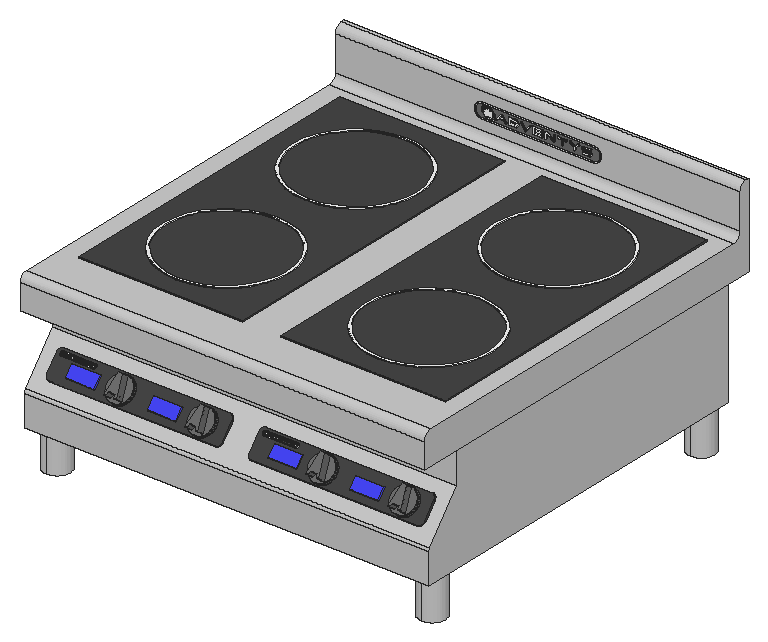
Revit family "QF_ADVENTYS_MO4I_20000_250902092536", category Specialty Equipment, Revit 2021
Family settings
  Round Connector Dimension = Use Diameter
  Part Type = Normal
  OmniClass Number = 23.40.40.14
  OmniClass Title = Food Service Equipment
  Work Plane-Based = No
  Always vertical = Yes
  Cut with Voids When Loaded = No
  Shared = No
  Room Calculation Point = No
Parameters (values of type "ADV1759")
  Weight in Pounds [instance] = 0
  Weight = 95.00 kg
  Warranty Start Date [instance] = ""
  Warranty Duration [instance] = ""
  Volts [instance] = 400 V
  URL Recommended Spares List = ""
  URL Manufacturer = ""
  URL Cutsheet = ""
  URL Critical Spares List = ""
  URL = "www.adventys.com"
  Tag Number [instance] = ""
  Status [instance] = ""
  Specification by User [instance] = ""
  Specification by Manufacturer [instance] = ""
  Sound Level [instance] = ""
  Solid Fuel Type [instance] = ""
  Service Life Duration [instance] = ""
  Serial Number [instance] = ""
  Seismic Rating [instance] = ""
  SMACNA No [instance] = ""
  Revision Code [instance] = ""
  Revision [instance] = ""
  Production Year [instance] = ""
  Point Load [instance] = 0
  Phase [instance] = 3
  Other Equipment Approvals [instance] = ""
  Number of Poles [instance] = 3
  NAFEM Spec ID Number [instance] = ""
  Model Warning [instance] = ""
  Model = "MO4I 20000"
  Min Ckt Ampacity [instance] = 0 A
  Max Overcurrent Protection [instance] = 40 A
  Masterspec [instance] = ""
  Manufacturer = "ADVENTYS"
  Length Actual = 800 mm
  Item Number [instance] = ""
  Installed By [instance] = ""
  Installation Date [instance] = ""
  Identify Quantity as Lot [instance] = no
  ID [instance] = ""
  Hygiene Approval [instance] = ""
  Hot Water Consumption = 0.0 L/s
  Height Actual = 455 mm
  HP power [instance] = ""
  Furnished By [instance] = ""
  Foodservice Equipment Identifier [instance] = no
  FL Amps [instance] = 32 A
  Electrical Remarks [instance] = "Plug not included"
  Electric power [instance] = 0 W
  Electric Connection Type [instance] = "Cord&Plug"
  Elec Conn RI Height [instance] = 0 mm
  Elec Conn Connection Height [instance] = 0 mm
  ETL Approved [instance] = no
  Description = "INDUCTION MODULE 4 ZONES THREE-PHASE"
  Depth Actual = 800 mm
  Default Elevation = 0 mm
  Cycle [instance] = 50 Hz
  Cost = 0
  Conn Plug [instance] = ""
  Conn Conduit [instance] = no
  CSI MasterFormat [instance] = ""
  CE Approved [instance] = no
  Barcode [instance] = 0
  Author [instance] = ""
  Asset Identifier [instance] = ""
  Apparent Power [instance] = 20000 VA
  Accessory = no
Reference planes
  plane 1 "Center (Front/Back)": y = 0
  plane 2: z = 0
  plane 3 "Center (Left/Right)": x = 0
Forms (mm)
  Extrusion 1, solid, not visible
    sketch origin (111.005, -39.002, 227.011) x (1, 0, 0) y (0, 1, 0)
      loop
        line (-2, 2) -> (-2, -2) -> (2, -2) -> (2, 2) -> (-2, 2)
    from -2 to 2
Dimensions and locks
  locked: Extrusion 1 to nested 2
  locked: nested 2 to Extrusion 1 at 2
  aligned and locked: level to plane 2
Nested families
  nested 1: "QF_ADVENTYS_ADV1759_2916" at (0, 0, 0), type "ADV1759"
    with Status "", Show Logo yes
  nested 2: "CONN_POINT_ELE_2D___Generic_Annotation" at (111.005, -37.002, 227.011), type "CONN_POINT_ELE_2D___Generic_Annotation"
    with Onboard connection annotation symbol visibility yes
Connectors
  electrical at (111.005, -37.002, 227.011), driven by "Apparent Power", driven by "Number of Poles", driven by "Volts"
    settings: on Extrusion 1, index 1, voltage 400 V, apparent load 0 VA, apparent load phase1 20000 VA, apparent load phase2 0 VA, apparent load phase3 0 VA, power factor 1, load classification "Other", number of poles 3, system type 31, power factor state 1, is connector primary yes, connector utility no, sub classification motor no, connector description "Electrical connection for MO4I 20000"
Definition of nested family "QF_ADVENTYS_ADV1759_2916"
  Parameters (values of type "ADV1759")
    URL = "www.adventys.com"
    Status [instance] = ""
    Show Logo [instance] = yes
    Model = "MO4I 20000"
    Manufacturer = "ADVENTYS"
    Description = "INDUCTION MODULE 4 ZONES THREE-PHASE"
    Default Elevation = 0 mm
    Author = "SPECIFI"
    Assembly Code = "E1090320"
  Reference planes
    plane 1 "Back": y = 0
    plane 2: z = 0
    plane 3 "Left": x = 0
    plane 4 "Right": x = 800
    plane 5 "Front": y = -800
    plane 6 "Top": z = 455
  Forms (mm)
    Extrusion 1, solid
      sketch origin (0, 0, 0) x (0, 1, 0) y (0, 0, 1)
        loop
          line (-790, 80) -> (-50, 80) -> (-50, 290.8) -> (-720, 290.8) -> (-720, 227.161) -> (-787.017, 147.294)
          arc (-787.017, 147.294) -> (-789.078, 143.88) -> (-790, 140) r 12.92
          line (-790, 140) -> (-790, 80)
      from 0 to 800
    Extrusion 2, solid
      sketch origin (0, 0, 0) x (0, 1, 0) y (0, 0, 1)
        loop
          line (0, 290.8) -> (0, 455) -> (-5, 455)
          arc (-5, 455) -> (-15.607, 450.607) -> (-20, 440) r 15
          line (-20, 440) -> (-20, 370.8)
          arc (-20, 370.8) -> (-24.393, 360.193) -> (-35, 355.8) r 15
          line (-35, 355.8) -> (-785, 355.8)
          arc (-785, 355.8) -> (-795.607, 351.407) -> (-800, 340.8) r 15
          line (-800, 340.8) -> (-800, 290.8) -> (0, 290.8)
      from 0 to 800
    Extrusion 3, solid
      sketch origin (37, -56.5, 0) x (1, 0, 0) y (0, 1, 0)
        loop
          line (0, 0) -> (0, -646) -> (326, -646) -> (326, 0) -> (0, 0)
      from 355.8 to 357.613
    Extrusion 4, solid
      sketch origin (0, 0, 0) x (1, 0, 0) y (0, 1, 0)
        loop
          circle (200, -220) r 125
        loop
          circle (200, -220) r 120
        loop
          circle (200, -540.027) r 125
        loop
          circle (200, -540.027) r 120
      from 357.613 to 358.673
    Revolve 5, solid
      sketch origin (29, 0, 0) x (0, 1, 0) y (0, 0, 1)
        loop
          line (-719, 0) -> (-719, 80) -> (-745, 80) -> (-745, 0) -> (-719, 0)
        axis (-745, 80) -> (-745, 0)
      angle from 0 to 360
    Revolve 6, solid
      sketch origin (29, 665, 0) x (0, 1, 0) y (0, 0, 1)
        loop
          line (-719, 0) -> (-719, 80) -> (-745, 80) -> (-745, 0) -> (-719, 0)
        axis (-745, 80) -> (-745, 0)
      angle from 0 to 360
    Revolve 7, solid
      sketch origin (771, 0, 0) x (0, 1, 0) y (0, 0, 1)
        loop
          line (-719, 0) -> (-719, 80) -> (-745, 80) -> (-745, 0) -> (-719, 0)
        axis (-745, 80) -> (-745, 0)
      angle from 0 to 360
    Revolve 8, solid
      sketch origin (771, 665, 0) x (0, 1, 0) y (0, 0, 1)
        loop
          line (-719, 0) -> (-719, 80) -> (-745, 80) -> (-745, 0) -> (-719, 0)
        axis (-745, 80) -> (-745, 0)
      angle from 0 to 360
    Extrusion 9, solid
      sketch origin (0, 0, 0) x (1, 0, 0) y (0, 0, 1)
        loop
          line (173, 264) -> (47, 264) -> (47, 170) -> (173, 170) -> (173, 264)
      from 47.858 to 50
    Extrusion 10, solid
      sketch origin (0, 0, 0) x (1, 0, 0) y (0, 0, 1)
        loop
          circle (110.78, 227.161) r 15
      from 36.426 to 47.858
    Extrusion 11, solid
      sketch origin (437, -56.5, 0) x (1, 0, 0) y (0, 1, 0)
        loop
          line (0, 0) -> (0, -646) -> (326, -646) -> (326, 0) -> (0, 0)
      from 355.8 to 357.613
    Extrusion 12, solid
      sketch origin (400, 0, 0) x (1, 0, 0) y (0, 1, 0)
        loop
          circle (200, -220) r 125
        loop
          circle (200, -220) r 120
        loop
          circle (200, -540.027) r 125
        loop
          circle (200, -540.027) r 120
      from 357.613 to 358.673
    Extrusion 13, solid
      sketch origin (525, -718.509, 228.939) x (0, -0.642788, -0.766044) y (1, 0, 0)
        loop
          arc (26.45, -488.6) -> (29.379, -495.671) -> (36.45, -498.6) r 10
          line (36.45, -498.6) -> (72.45, -498.6)
          arc (72.45, -498.6) -> (79.521, -495.671) -> (82.45, -488.6) r 10
          line (82.45, -488.6) -> (82.45, -161.4)
          arc (82.45, -161.4) -> (79.521, -154.329) -> (72.45, -151.4) r 10
          line (72.45, -151.4) -> (36.45, -151.4)
          arc (36.45, -151.4) -> (29.379, -154.329) -> (26.45, -161.4) r 10
          line (26.45, -161.4) -> (26.45, -488.6)
      from 0 to 1.881
    Extrusion 14, solid
      sketch origin (517.5, -718.509, 228.939) x (0, -0.642788, -0.766044) y (1, 0, 0)
        loop
          line (44.95, -293.6) -> (68.95, -293.6) -> (68.95, -237.6) -> (44.95, -237.6) -> (44.95, -293.6)
      from 1.881 to 3.679
    Extrusion 15, solid
      sketch origin (526.25, -718.509, 228.939) x (0, -0.642788, -0.766044) y (1, 0, 0)
        loop
          line (77.193, -371.481) -> (78.52, -367.858) -> (79.283, -363.991) -> (79.427, -360.015) -> (78.941, -356.081) -> (77.862, -352.331) -> (76.265, -348.888) -> (74.254, -345.841) -> (71.944, -343.24) -> (69.45, -341.1) -> (66.873, -339.405) -> (64.297, -338.121) -> (61.785, -337.2) -> (59.381, -336.591) -> (56.817, -336.212) -> (54.45, -336.1) -> (52.084, -336.212) -> (49.52, -336.591) -> (47.116, -337.2) -> (44.604, -338.121) -> (42.027, -339.405) -> (39.45, -341.1) -> (36.956, -343.24) -> (34.647, -345.841) -> (32.636, -348.888) -> (31.039, -352.331) -> (29.959, -356.081) -> (29.474, -360.015) -> (29.618, -363.991) -> (30.381, -367.858) -> (31.708, -371.481) -> (33.507, -374.752) -> (35.926, -377.889) -> (38.945, -380.711) -> (42.475, -383.045) -> (46.365, -384.756) -> (50.423, -385.773) -> (54.45, -386.1) -> (58.478, -385.773) -> (62.536, -384.756) -> (66.426, -383.045) -> (69.956, -380.711) -> (72.974, -377.889) -> (75.393, -374.752) -> (77.193, -371.481)
      from 1.881 to 10
    Extrusion 16, solid
      sketch origin (526.25, -718.509, 228.939) x (0, -0.642788, -0.766044) y (1, 0, 0)
        loop
          line (72.45, -353.1) -> (72.45, -348.1) -> (31.45, -357.1) -> (31.45, -365.1) -> (72.45, -374.1) -> (72.45, -369.1) -> (66.45, -367.1) -> (66.45, -355.1) -> (72.45, -353.1)
      from 10 to 25.009
    Extrusion 17, solid, visible <- "Show Logo"
      sketch origin (-49.765, -334.636, 414.341) x (1, 0, 0) y (0, 0.642788, 0.766044)
        loop
          arc (88.581, -421.313) -> (88.113, -421.507) -> (87.92, -421.974) r 0.661
          line (87.92, -421.974) -> (87.92, -423.61)
          arc (87.92, -423.61) -> (88.124, -424.087) -> (88.609, -424.27) r 0.661
          line (88.609, -424.27) -> (88.609, -423.032)
          arc (88.609, -423.032) -> (88.952, -422.351) -> (89.662, -422.077) r 1.058
          line (89.662, -422.077) -> (92.486, -422.077)
          arc (92.486, -422.077) -> (92.335, -421.544) -> (91.833, -421.313) r 0.661
          line (91.833, -421.313) -> (88.581, -421.313)
        loop
          arc (88.581, -420.916) -> (87.833, -421.226) -> (87.523, -421.974) r 1.058
          line (87.523, -421.974) -> (87.523, -423.61)
          arc (87.523, -423.61) -> (87.843, -424.368) -> (88.609, -424.667) r 1.058
          arc (88.609, -424.667) -> (88.88, -425.483) -> (89.667, -425.828) r 1.058
          arc (89.667, -425.828) -> (89.974, -426.583) -> (90.725, -426.896) r 1.058
          line (90.725, -426.896) -> (93.719, -426.896)
          arc (93.719, -426.896) -> (94.467, -426.586) -> (94.777, -425.838) r 1.058
          line (94.777, -425.838) -> (94.777, -424.306)
          arc (94.777, -424.306) -> (94.463, -423.554) -> (93.708, -423.248) r 1.058
          arc (93.708, -423.248) -> (93.515, -422.517) -> (92.883, -422.101) r 1.058
          arc (92.883, -422.101) -> (92.625, -421.273) -> (91.833, -420.916) r 1.058
          line (91.833, -420.916) -> (88.581, -420.916)
        loop
          arc (93.719, -426.499) -> (94.187, -426.306) -> (94.38, -425.838) r 0.661
          line (94.38, -425.838) -> (94.38, -424.306)
          arc (94.38, -424.306) -> (94.185, -423.837) -> (93.714, -423.645) r 0.661
          line (93.714, -423.645) -> (93.714, -424.77)
          arc (93.714, -424.77) -> (93.404, -425.518) -> (92.656, -425.828) r 1.058
          line (92.656, -425.828) -> (90.064, -425.828)
          arc (90.064, -425.828) -> (90.254, -426.302) -> (90.725, -426.499) r 0.661
          line (90.725, -426.499) -> (93.719, -426.499)
        loop
          arc (95.546, -425.156) -> (95.587, -425.684) -> (96.116, -425.67) r 0.384
          line (96.116, -425.67) -> (96.845, -424.94) -> (99.743, -424.94) -> (100.472, -425.67)
          arc (100.472, -425.67) -> (101.001, -425.684) -> (101.042, -425.156) r 0.384
          line (101.042, -425.156) -> (98.294, -421.762) -> (95.546, -425.156)
        loop
          line (98.294, -423.127) -> (97.364, -424.275) -> (99.224, -424.275) -> (98.294, -423.127)
        loop
          line (102.315, -421.827) -> (102.315, -425.732) -> (105.995, -425.732)
          arc (105.995, -425.732) -> (107.947, -423.78) -> (105.995, -421.827) r 1.953
          line (105.995, -421.827) -> (102.315, -421.827)
        loop
          line (105.995, -422.854) -> (103.343, -422.854) -> (103.343, -424.705) -> (105.995, -424.705)
          arc (105.995, -424.705) -> (106.92, -423.78) -> (105.995, -422.854) r 0.925
        loop
          arc (109.84, -422.053) -> (109.312, -422.039) -> (109.27, -422.566) r 0.384
          line (109.27, -422.566) -> (112.019, -425.961) -> (114.767, -422.566)
          arc (114.767, -422.566) -> (114.725, -422.039) -> (114.197, -422.053) r 0.384
          line (114.197, -422.053) -> (112.019, -424.743) -> (109.84, -422.053)
        loop
          line (121.269, -421.781) -> (116.07, -421.781) -> (116.07, -425.732) -> (121.269, -425.732)
          arc (121.269, -425.732) -> (121.671, -425.331) -> (121.269, -424.93) r 0.401
          line (121.269, -424.93) -> (116.972, -424.93) -> (116.972, -424.139) -> (121.269, -424.139)
          arc (121.269, -424.139) -> (121.633, -423.775) -> (121.269, -423.412) r 0.363
          line (121.269, -423.412) -> (116.972, -423.412) -> (116.972, -422.583) -> (121.269, -422.583)
          arc (121.269, -422.583) -> (121.671, -422.182) -> (121.269, -421.781) r 0.401
        loop
          line (122.879, -422.331) -> (122.879, -425.274)
          arc (122.879, -425.274) -> (123.306, -425.701) -> (123.733, -425.274) r 0.427
          line (123.733, -425.274) -> (123.733, -423.122) -> (127.538, -425.5)
          arc (127.538, -425.5) -> (128.155, -425.516) -> (128.468, -424.984) r 0.608
          line (128.468, -424.984) -> (128.468, -422.254)
          arc (128.468, -422.254) -> (128.018, -421.804) -> (127.568, -422.254) r 0.45
          line (127.568, -422.254) -> (127.568, -424.337) -> (123.663, -421.897)
          arc (123.663, -421.897) -> (123.143, -421.883) -> (122.879, -422.331) r 0.513
        loop
          arc (130.273, -421.857) -> (129.778, -422.352) -> (130.273, -422.846) r 0.494
          line (130.273, -422.846) -> (132.065, -422.846) -> (132.065, -425.082)
          arc (132.065, -425.082) -> (132.54, -425.558) -> (133.016, -425.082) r 0.475
          line (133.016, -425.082) -> (133.016, -422.846) -> (134.724, -422.846)
          arc (134.724, -422.846) -> (135.218, -422.352) -> (134.724, -421.857) r 0.494
          line (134.724, -421.857) -> (130.273, -421.857)
        loop
          line (139.461, -423.175) -> (137.5, -421.853)
          arc (137.5, -421.853) -> (136.836, -421.982) -> (136.965, -422.646) r 0.479
          line (136.965, -422.646) -> (138.926, -423.969) -> (138.926, -425.108)
          arc (138.926, -425.108) -> (139.461, -425.643) -> (139.997, -425.108) r 0.535
          line (139.997, -425.108) -> (139.997, -423.969) -> (141.958, -422.646)
          arc (141.958, -422.646) -> (142.087, -421.982) -> (141.423, -421.853) r 0.479
          line (141.423, -421.853) -> (139.461, -423.175)
        loop
          line (148.501, -421.857) -> (144.795, -421.857)
          arc (144.795, -421.857) -> (143.661, -422.991) -> (144.795, -424.125) r 1.134
          line (144.795, -424.125) -> (147.852, -424.125)
          arc (147.852, -424.125) -> (148.265, -424.538) -> (147.852, -424.951) r 0.413
          line (147.852, -424.951) -> (144.128, -424.951)
          arc (144.128, -424.951) -> (143.786, -425.292) -> (144.128, -425.634) r 0.342
          line (144.128, -425.634) -> (148.218, -425.634)
          arc (148.218, -425.634) -> (148.994, -424.394) -> (147.885, -423.44) r 1.122
          line (147.885, -423.44) -> (144.736, -423.44)
          arc (144.736, -423.44) -> (144.286, -422.99) -> (144.736, -422.541) r 0.45
          line (144.736, -422.541) -> (148.501, -422.541)
          arc (148.501, -422.541) -> (148.843, -422.199) -> (148.501, -421.857) r 0.342
        loop
          arc (87.442, -420.162) -> (83.674, -423.931) -> (87.442, -427.699) r 3.769
          line (87.442, -427.699) -> (150.103, -427.699)
          arc (150.103, -427.699) -> (153.872, -423.931) -> (150.103, -420.162) r 3.769
          line (150.103, -420.162) -> (87.442, -420.162)
        loop
          arc (87.442, -419.771) -> (83.283, -423.931) -> (87.442, -428.091) r 4.16
          line (87.442, -428.091) -> (150.103, -428.091)
          arc (150.103, -428.091) -> (154.263, -423.931) -> (150.103, -419.771) r 4.16
          line (150.103, -419.771) -> (87.442, -419.771)
      from 176.77 to 176.97
    Extrusion 18, solid
      sketch origin (687.5, -718.509, 228.939) x (0, -0.642788, -0.766044) y (1, 0, 0)
        loop
          line (77.193, -371.481) -> (78.52, -367.858) -> (79.283, -363.991) -> (79.427, -360.015) -> (78.941, -356.081) -> (77.862, -352.331) -> (76.265, -348.888) -> (74.254, -345.841) -> (71.944, -343.24) -> (69.45, -341.1) -> (66.873, -339.405) -> (64.297, -338.121) -> (61.785, -337.2) -> (59.381, -336.591) -> (56.817, -336.212) -> (54.45, -336.1) -> (52.084, -336.212) -> (49.52, -336.591) -> (47.116, -337.2) -> (44.604, -338.121) -> (42.027, -339.405) -> (39.45, -341.1) -> (36.956, -343.24) -> (34.647, -345.841) -> (32.636, -348.888) -> (31.039, -352.331) -> (29.959, -356.081) -> (29.474, -360.015) -> (29.618, -363.991) -> (30.381, -367.858) -> (31.708, -371.481) -> (33.507, -374.752) -> (35.926, -377.889) -> (38.945, -380.711) -> (42.475, -383.045) -> (46.365, -384.756) -> (50.423, -385.773) -> (54.45, -386.1) -> (58.478, -385.773) -> (62.536, -384.756) -> (66.426, -383.045) -> (69.956, -380.711) -> (72.974, -377.889) -> (75.393, -374.752) -> (77.193, -371.481)
      from 1.881 to 10
    Extrusion 19, solid
      sketch origin (687.5, -718.509, 228.939) x (0, -0.642788, -0.766044) y (1, 0, 0)
        loop
          line (72.45, -353.1) -> (72.45, -348.1) -> (31.45, -357.1) -> (31.45, -365.1) -> (72.45, -374.1) -> (72.45, -369.1) -> (66.45, -367.1) -> (66.45, -355.1) -> (72.45, -353.1)
      from 10 to 25.009
    Extrusion 20, solid
      sketch origin (356.25, -718.509, 228.939) x (0, -0.642788, -0.766044) y (1, 0, 0)
        loop
          line (44.95, -293.6) -> (68.95, -293.6) -> (68.95, -237.6) -> (44.95, -237.6) -> (44.95, -293.6)
      from 1.881 to 3.679
    Extrusion 21, solid
      sketch origin (925, -718.509, 228.939) x (0, -0.642788, -0.766044) y (1, 0, 0)
        loop
          arc (26.45, -488.6) -> (29.379, -495.671) -> (36.45, -498.6) r 10
          line (36.45, -498.6) -> (72.45, -498.6)
          arc (72.45, -498.6) -> (79.521, -495.671) -> (82.45, -488.6) r 10
          line (82.45, -488.6) -> (82.45, -161.4)
          arc (82.45, -161.4) -> (79.521, -154.329) -> (72.45, -151.4) r 10
          line (72.45, -151.4) -> (36.45, -151.4)
          arc (36.45, -151.4) -> (29.379, -154.329) -> (26.45, -161.4) r 10
          line (26.45, -161.4) -> (26.45, -488.6)
      from 0 to 1.881
    Extrusion 22, solid
      sketch origin (917.5, -718.509, 228.939) x (0, -0.642788, -0.766044) y (1, 0, 0)
        loop
          line (44.95, -293.6) -> (68.95, -293.6) -> (68.95, -237.6) -> (44.95, -237.6) -> (44.95, -293.6)
      from 1.881 to 3.679
    Extrusion 23, solid
      sketch origin (926.25, -718.509, 228.939) x (0, -0.642788, -0.766044) y (1, 0, 0)
        loop
          line (77.193, -371.481) -> (78.52, -367.858) -> (79.283, -363.991) -> (79.427, -360.015) -> (78.941, -356.081) -> (77.862, -352.331) -> (76.265, -348.888) -> (74.254, -345.841) -> (71.944, -343.24) -> (69.45, -341.1) -> (66.873, -339.405) -> (64.297, -338.121) -> (61.785, -337.2) -> (59.381, -336.591) -> (56.817, -336.212) -> (54.45, -336.1) -> (52.084, -336.212) -> (49.52, -336.591) -> (47.116, -337.2) -> (44.604, -338.121) -> (42.027, -339.405) -> (39.45, -341.1) -> (36.956, -343.24) -> (34.647, -345.841) -> (32.636, -348.888) -> (31.039, -352.331) -> (29.959, -356.081) -> (29.474, -360.015) -> (29.618, -363.991) -> (30.381, -367.858) -> (31.708, -371.481) -> (33.507, -374.752) -> (35.926, -377.889) -> (38.945, -380.711) -> (42.475, -383.045) -> (46.365, -384.756) -> (50.423, -385.773) -> (54.45, -386.1) -> (58.478, -385.773) -> (62.536, -384.756) -> (66.426, -383.045) -> (69.956, -380.711) -> (72.974, -377.889) -> (75.393, -374.752) -> (77.193, -371.481)
      from 1.881 to 10
    Extrusion 24, solid
      sketch origin (926.25, -718.509, 228.939) x (0, -0.642788, -0.766044) y (1, 0, 0)
        loop
          line (72.45, -353.1) -> (72.45, -348.1) -> (31.45, -357.1) -> (31.45, -365.1) -> (72.45, -374.1) -> (72.45, -369.1) -> (66.45, -367.1) -> (66.45, -355.1) -> (72.45, -353.1)
      from 10 to 25.009
    Extrusion 25, solid, visible <- "Show Logo"
      sketch origin (350.235, -334.636, 414.341) x (1, 0, 0) y (0, 0.642788, 0.766044)
        loop
          arc (88.581, -421.313) -> (88.113, -421.507) -> (87.92, -421.974) r 0.661
          line (87.92, -421.974) -> (87.92, -423.61)
          arc (87.92, -423.61) -> (88.124, -424.087) -> (88.609, -424.27) r 0.661
          line (88.609, -424.27) -> (88.609, -423.032)
          arc (88.609, -423.032) -> (88.952, -422.351) -> (89.662, -422.077) r 1.058
          line (89.662, -422.077) -> (92.486, -422.077)
          arc (92.486, -422.077) -> (92.335, -421.544) -> (91.833, -421.313) r 0.661
          line (91.833, -421.313) -> (88.581, -421.313)
        loop
          arc (88.581, -420.916) -> (87.833, -421.226) -> (87.523, -421.974) r 1.058
          line (87.523, -421.974) -> (87.523, -423.61)
          arc (87.523, -423.61) -> (87.843, -424.368) -> (88.609, -424.667) r 1.058
          arc (88.609, -424.667) -> (88.88, -425.483) -> (89.667, -425.828) r 1.058
          arc (89.667, -425.828) -> (89.974, -426.583) -> (90.725, -426.896) r 1.058
          line (90.725, -426.896) -> (93.719, -426.896)
          arc (93.719, -426.896) -> (94.467, -426.586) -> (94.777, -425.838) r 1.058
          line (94.777, -425.838) -> (94.777, -424.306)
          arc (94.777, -424.306) -> (94.463, -423.554) -> (93.708, -423.248) r 1.058
          arc (93.708, -423.248) -> (93.515, -422.517) -> (92.883, -422.101) r 1.058
          arc (92.883, -422.101) -> (92.625, -421.273) -> (91.833, -420.916) r 1.058
          line (91.833, -420.916) -> (88.581, -420.916)
        loop
          arc (93.719, -426.499) -> (94.187, -426.306) -> (94.38, -425.838) r 0.661
          line (94.38, -425.838) -> (94.38, -424.306)
          arc (94.38, -424.306) -> (94.185, -423.837) -> (93.714, -423.645) r 0.661
          line (93.714, -423.645) -> (93.714, -424.77)
          arc (93.714, -424.77) -> (93.404, -425.518) -> (92.656, -425.828) r 1.058
          line (92.656, -425.828) -> (90.064, -425.828)
          arc (90.064, -425.828) -> (90.254, -426.302) -> (90.725, -426.499) r 0.661
          line (90.725, -426.499) -> (93.719, -426.499)
        loop
          arc (95.546, -425.156) -> (95.587, -425.684) -> (96.116, -425.67) r 0.384
          line (96.116, -425.67) -> (96.845, -424.94) -> (99.743, -424.94) -> (100.472, -425.67)
          arc (100.472, -425.67) -> (101.001, -425.684) -> (101.042, -425.156) r 0.384
          line (101.042, -425.156) -> (98.294, -421.762) -> (95.546, -425.156)
        loop
          line (98.294, -423.127) -> (97.364, -424.275) -> (99.224, -424.275) -> (98.294, -423.127)
        loop
          line (102.315, -421.827) -> (102.315, -425.732) -> (105.995, -425.732)
          arc (105.995, -425.732) -> (107.947, -423.78) -> (105.995, -421.827) r 1.953
          line (105.995, -421.827) -> (102.315, -421.827)
        loop
          line (105.995, -422.854) -> (103.343, -422.854) -> (103.343, -424.705) -> (105.995, -424.705)
          arc (105.995, -424.705) -> (106.92, -423.78) -> (105.995, -422.854) r 0.925
        loop
          arc (109.84, -422.053) -> (109.312, -422.039) -> (109.27, -422.566) r 0.384
          line (109.27, -422.566) -> (112.019, -425.961) -> (114.767, -422.566)
          arc (114.767, -422.566) -> (114.725, -422.039) -> (114.197, -422.053) r 0.384
          line (114.197, -422.053) -> (112.019, -424.743) -> (109.84, -422.053)
        loop
          line (121.269, -421.781) -> (116.07, -421.781) -> (116.07, -425.732) -> (121.269, -425.732)
          arc (121.269, -425.732) -> (121.671, -425.331) -> (121.269, -424.93) r 0.401
          line (121.269, -424.93) -> (116.972, -424.93) -> (116.972, -424.139) -> (121.269, -424.139)
          arc (121.269, -424.139) -> (121.633, -423.775) -> (121.269, -423.412) r 0.363
          line (121.269, -423.412) -> (116.972, -423.412) -> (116.972, -422.583) -> (121.269, -422.583)
          arc (121.269, -422.583) -> (121.671, -422.182) -> (121.269, -421.781) r 0.401
        loop
          line (122.879, -422.331) -> (122.879, -425.274)
          arc (122.879, -425.274) -> (123.306, -425.701) -> (123.733, -425.274) r 0.427
          line (123.733, -425.274) -> (123.733, -423.122) -> (127.538, -425.5)
          arc (127.538, -425.5) -> (128.155, -425.516) -> (128.468, -424.984) r 0.608
          line (128.468, -424.984) -> (128.468, -422.254)
          arc (128.468, -422.254) -> (128.018, -421.804) -> (127.568, -422.254) r 0.45
          line (127.568, -422.254) -> (127.568, -424.337) -> (123.663, -421.897)
          arc (123.663, -421.897) -> (123.143, -421.883) -> (122.879, -422.331) r 0.513
        loop
          arc (130.273, -421.857) -> (129.778, -422.352) -> (130.273, -422.846) r 0.494
          line (130.273, -422.846) -> (132.065, -422.846) -> (132.065, -425.082)
          arc (132.065, -425.082) -> (132.54, -425.558) -> (133.016, -425.082) r 0.475
          line (133.016, -425.082) -> (133.016, -422.846) -> (134.724, -422.846)
          arc (134.724, -422.846) -> (135.218, -422.352) -> (134.724, -421.857) r 0.494
          line (134.724, -421.857) -> (130.273, -421.857)
        loop
          line (139.461, -423.175) -> (137.5, -421.853)
          arc (137.5, -421.853) -> (136.836, -421.982) -> (136.965, -422.646) r 0.479
          line (136.965, -422.646) -> (138.926, -423.969) -> (138.926, -425.108)
          arc (138.926, -425.108) -> (139.461, -425.643) -> (139.997, -425.108) r 0.535
          line (139.997, -425.108) -> (139.997, -423.969) -> (141.958, -422.646)
          arc (141.958, -422.646) -> (142.087, -421.982) -> (141.423, -421.853) r 0.479
          line (141.423, -421.853) -> (139.461, -423.175)
        loop
          line (148.501, -421.857) -> (144.795, -421.857)
          arc (144.795, -421.857) -> (143.661, -422.991) -> (144.795, -424.125) r 1.134
          line (144.795, -424.125) -> (147.852, -424.125)
          arc (147.852, -424.125) -> (148.265, -424.538) -> (147.852, -424.951) r 0.413
          line (147.852, -424.951) -> (144.128, -424.951)
          arc (144.128, -424.951) -> (143.786, -425.292) -> (144.128, -425.634) r 0.342
          line (144.128, -425.634) -> (148.218, -425.634)
          arc (148.218, -425.634) -> (148.994, -424.394) -> (147.885, -423.44) r 1.122
          line (147.885, -423.44) -> (144.736, -423.44)
          arc (144.736, -423.44) -> (144.286, -422.99) -> (144.736, -422.541) r 0.45
          line (144.736, -422.541) -> (148.501, -422.541)
          arc (148.501, -422.541) -> (148.843, -422.199) -> (148.501, -421.857) r 0.342
        loop
          arc (87.442, -420.162) -> (83.674, -423.931) -> (87.442, -427.699) r 3.769
          line (87.442, -427.699) -> (150.103, -427.699)
          arc (150.103, -427.699) -> (153.872, -423.931) -> (150.103, -420.162) r 3.769
          line (150.103, -420.162) -> (87.442, -420.162)
        loop
          arc (87.442, -419.771) -> (83.283, -423.931) -> (87.442, -428.091) r 4.16
          line (87.442, -428.091) -> (150.103, -428.091)
          arc (150.103, -428.091) -> (154.263, -423.931) -> (150.103, -419.771) r 4.16
          line (150.103, -419.771) -> (87.442, -419.771)
      from 176.77 to 176.97
    Extrusion 26, solid
      sketch origin (1087.5, -718.509, 228.939) x (0, -0.642788, -0.766044) y (1, 0, 0)
        loop
          line (77.193, -371.481) -> (78.52, -367.858) -> (79.283, -363.991) -> (79.427, -360.015) -> (78.941, -356.081) -> (77.862, -352.331) -> (76.265, -348.888) -> (74.254, -345.841) -> (71.944, -343.24) -> (69.45, -341.1) -> (66.873, -339.405) -> (64.297, -338.121) -> (61.785, -337.2) -> (59.381, -336.591) -> (56.817, -336.212) -> (54.45, -336.1) -> (52.084, -336.212) -> (49.52, -336.591) -> (47.116, -337.2) -> (44.604, -338.121) -> (42.027, -339.405) -> (39.45, -341.1) -> (36.956, -343.24) -> (34.647, -345.841) -> (32.636, -348.888) -> (31.039, -352.331) -> (29.959, -356.081) -> (29.474, -360.015) -> (29.618, -363.991) -> (30.381, -367.858) -> (31.708, -371.481) -> (33.507, -374.752) -> (35.926, -377.889) -> (38.945, -380.711) -> (42.475, -383.045) -> (46.365, -384.756) -> (50.423, -385.773) -> (54.45, -386.1) -> (58.478, -385.773) -> (62.536, -384.756) -> (66.426, -383.045) -> (69.956, -380.711) -> (72.974, -377.889) -> (75.393, -374.752) -> (77.193, -371.481)
      from 1.881 to 10
    Extrusion 27, solid
      sketch origin (1087.5, -718.509, 228.939) x (0, -0.642788, -0.766044) y (1, 0, 0)
        loop
          line (72.45, -353.1) -> (72.45, -348.1) -> (31.45, -357.1) -> (31.45, -365.1) -> (72.45, -374.1) -> (72.45, -369.1) -> (66.45, -367.1) -> (66.45, -355.1) -> (72.45, -353.1)
      from 10 to 25.009
    Extrusion 28, solid
      sketch origin (756.25, -718.509, 228.939) x (0, -0.642788, -0.766044) y (1, 0, 0)
        loop
          line (44.95, -293.6) -> (68.95, -293.6) -> (68.95, -237.6) -> (44.95, -237.6) -> (44.95, -293.6)
      from 1.881 to 3.679
    Extrusion 29, solid, visible <- "Show Logo"
      sketch origin (266.717, 156.57, 820.232) x (1, 0, 0) y (0, 0, 1)
        loop
          arc (26.945, -405.612) -> (25.297, -406.294) -> (24.615, -407.942) r 2.329
          line (24.615, -407.942) -> (24.615, -413.701)
          arc (24.615, -413.701) -> (25.333, -415.383) -> (27.044, -416.028) r 2.329
          line (27.044, -416.028) -> (27.044, -411.667)
          arc (27.044, -411.667) -> (28.249, -409.269) -> (30.753, -408.302) r 3.727
          line (30.753, -408.302) -> (40.699, -408.302)
          arc (40.699, -408.302) -> (40.168, -406.427) -> (38.398, -405.612) r 2.329
          line (38.398, -405.612) -> (26.945, -405.612)
        loop
          arc (26.945, -404.215) -> (24.309, -405.306) -> (23.218, -407.942) r 3.727
          line (23.218, -407.942) -> (23.218, -413.701)
          arc (23.218, -413.701) -> (24.345, -416.371) -> (27.044, -417.427) r 3.727
          arc (27.044, -417.427) -> (27.999, -420.299) -> (30.77, -421.516) r 3.727
          arc (30.77, -421.516) -> (31.85, -424.173) -> (34.497, -425.277) r 3.727
          line (34.497, -425.277) -> (45.04, -425.277)
          arc (45.04, -425.277) -> (47.676, -424.185) -> (48.767, -421.55) r 3.727
          line (48.767, -421.55) -> (48.767, -416.154)
          arc (48.767, -416.154) -> (47.662, -413.505) -> (45.002, -412.427) r 3.727
          arc (45.002, -412.427) -> (44.322, -409.853) -> (42.098, -408.389) r 3.727
          arc (42.098, -408.389) -> (41.187, -405.47) -> (38.398, -404.215) r 3.727
          line (38.398, -404.215) -> (26.945, -404.215)
        loop
          arc (45.04, -423.879) -> (46.687, -423.197) -> (47.37, -421.55) r 2.329
          line (47.37, -421.55) -> (47.37, -416.154)
          arc (47.37, -416.154) -> (46.681, -414.501) -> (45.023, -413.825) r 2.329
          line (45.023, -413.825) -> (45.023, -417.789)
          arc (45.023, -417.789) -> (43.932, -420.424) -> (41.297, -421.516) r 3.727
          line (41.297, -421.516) -> (32.168, -421.516)
          arc (32.168, -421.516) -> (32.838, -423.185) -> (34.497, -423.879) r 2.329
          line (34.497, -423.879) -> (45.04, -423.879)
        loop
          arc (51.474, -419.149) -> (51.62, -421.006) -> (53.482, -420.957) r 1.353
          line (53.482, -420.957) -> (56.052, -418.386) -> (66.256, -418.386) -> (68.827, -420.957)
          arc (68.827, -420.957) -> (70.688, -421.006) -> (70.834, -419.149) r 1.353
          line (70.834, -419.149) -> (61.154, -407.195) -> (51.474, -419.149)
        loop
          line (61.154, -412) -> (57.878, -416.046) -> (64.43, -416.046) -> (61.154, -412)
        loop
          line (75.318, -407.422) -> (75.318, -421.177) -> (88.277, -421.177)
          arc (88.277, -421.177) -> (95.155, -414.299) -> (88.277, -407.422) r 6.877
          line (88.277, -407.422) -> (75.318, -407.422)
        loop
          line (88.277, -411.041) -> (78.937, -411.041) -> (78.937, -417.558) -> (88.277, -417.558)
          arc (88.277, -417.558) -> (91.536, -414.299) -> (88.277, -411.041) r 3.259
        loop
          arc (101.821, -408.219) -> (99.959, -408.171) -> (99.813, -410.027) r 1.353
          line (99.813, -410.027) -> (109.493, -421.981) -> (119.174, -410.027)
          arc (119.174, -410.027) -> (119.028, -408.171) -> (117.166, -408.219) r 1.353
          line (117.166, -408.219) -> (109.493, -417.694) -> (101.821, -408.219)
        loop
          line (142.076, -407.26) -> (123.764, -407.26) -> (123.764, -421.177) -> (142.076, -421.177)
          arc (142.076, -421.177) -> (143.489, -419.764) -> (142.076, -418.35) r 1.413
          line (142.076, -418.35) -> (126.938, -418.35) -> (126.938, -415.564) -> (142.076, -415.564)
          arc (142.076, -415.564) -> (143.355, -414.285) -> (142.076, -413.006) r 1.279
          line (142.076, -413.006) -> (126.938, -413.006) -> (126.938, -410.087) -> (142.076, -410.087)
          arc (142.076, -410.087) -> (143.489, -408.673) -> (142.076, -407.26) r 1.413
        loop
          line (147.746, -409.199) -> (147.746, -419.562)
          arc (147.746, -419.562) -> (149.249, -421.066) -> (150.753, -419.562) r 1.504
          line (150.753, -419.562) -> (150.753, -411.984) -> (164.154, -420.358)
          arc (164.154, -420.358) -> (166.328, -420.415) -> (167.432, -418.542) r 2.142
          line (167.432, -418.542) -> (167.432, -408.927)
          arc (167.432, -408.927) -> (165.846, -407.341) -> (164.26, -408.927) r 1.586
          line (164.26, -408.927) -> (164.26, -416.262) -> (150.507, -407.668)
          arc (150.507, -407.668) -> (148.676, -407.62) -> (147.746, -409.199) r 1.805
        loop
          arc (173.786, -407.529) -> (172.045, -409.271) -> (173.786, -411.012) r 1.741
          line (173.786, -411.012) -> (180.099, -411.012) -> (180.099, -418.888)
          arc (180.099, -418.888) -> (181.773, -420.563) -> (183.448, -418.888) r 1.675
          line (183.448, -418.888) -> (183.448, -411.012) -> (189.463, -411.012)
          arc (189.463, -411.012) -> (191.205, -409.271) -> (189.463, -407.529) r 1.741
          line (189.463, -407.529) -> (173.786, -407.529)
        loop
          line (206.15, -412.172) -> (199.243, -407.513)
          arc (199.243, -407.513) -> (196.903, -407.967) -> (197.358, -410.307) r 1.685
          line (197.358, -410.307) -> (204.265, -414.966) -> (204.265, -418.978)
          arc (204.265, -418.978) -> (206.15, -420.863) -> (208.035, -418.978) r 1.885
          line (208.035, -418.978) -> (208.035, -414.966) -> (214.942, -410.307)
          arc (214.942, -410.307) -> (215.397, -407.967) -> (213.057, -407.513) r 1.685
          line (213.057, -407.513) -> (206.15, -412.172)
        loop
          line (237.989, -407.529) -> (224.935, -407.529)
          arc (224.935, -407.529) -> (220.943, -411.522) -> (224.935, -415.515) r 3.993
          line (224.935, -415.515) -> (235.702, -415.515)
          arc (235.702, -415.515) -> (237.157, -416.969) -> (235.702, -418.424) r 1.455
          line (235.702, -418.424) -> (222.585, -418.424)
          arc (222.585, -418.424) -> (221.382, -419.627) -> (222.585, -420.83) r 1.203
          line (222.585, -420.83) -> (236.992, -420.83)
          arc (236.992, -420.83) -> (239.726, -416.462) -> (235.818, -413.103) r 3.953
          line (235.818, -413.103) -> (224.727, -413.103)
          arc (224.727, -413.103) -> (223.143, -411.519) -> (224.727, -409.936) r 1.584
          line (224.727, -409.936) -> (237.989, -409.936)
          arc (237.989, -409.936) -> (239.192, -408.732) -> (237.989, -407.529) r 1.203
        loop
          arc (22.934, -401.559) -> (9.66, -414.832) -> (22.934, -428.106) r 13.274
          line (22.934, -428.106) -> (243.631, -428.106)
          arc (243.631, -428.106) -> (256.905, -414.832) -> (243.631, -401.559) r 13.274
          line (243.631, -401.559) -> (22.934, -401.559)
        loop
          arc (22.934, -400.181) -> (8.283, -414.832) -> (22.934, -429.484) r 14.651
          line (22.934, -429.484) -> (243.631, -429.484)
          arc (243.631, -429.484) -> (258.283, -414.832) -> (243.631, -400.181) r 14.651
          line (243.631, -400.181) -> (22.934, -400.181)
      from 176.77 to 176.97
    Extrusion 30, solid, visible <- "Show Logo"
      sketch origin (266.717, -20.4, 820.232) x (1, 0, 0) y (0, 0, 1)
        loop
          arc (243.631, -429.484) -> (258.283, -414.832) -> (243.631, -400.181) r 14.651
          line (243.631, -400.181) -> (22.934, -400.181)
          arc (22.934, -400.181) -> (8.283, -414.832) -> (22.934, -429.484) r 14.651
          line (22.934, -429.484) -> (243.631, -429.484)
      from -0.2 to -0.4
  Lines and regions (mm)
    symbolic lines
      curve 1: line (0, 0, 0) -> (800, 0, 0)
      curve 2: line (0, -800, 0) -> (0, 0, 0)
      curve 3: line (800, -800, 0) -> (0, -800, 0)
      curve 4: line (800, 0, 0) -> (800, -800, 0)
      curve 5: line (37, -56.5, 0) -> (363, -56.5, 0)
      curve 6: line (37, -702.5, 0) -> (37, -56.5, 0)
      curve 7: line (363, -702.5, 0) -> (37, -702.5, 0)
      curve 8: line (363, -56.5, 0) -> (363, -702.5, 0)
      curve 9: line (437, -56.5, 0) -> (763, -56.5, 0)
      curve 10: line (437, -702.5, 0) -> (437, -56.5, 0)
      curve 11: line (763, -702.5, 0) -> (437, -702.5, 0)
      curve 12: line (763, -56.5, 0) -> (763, -702.5, 0)
      curve 13: arc (325, -220, 0) -> (200, -95, 0) -> (75, -220, 0) r 125
      curve 14: arc (75, -220, 0) -> (200, -345, 0) -> (325, -220, 0) r 125
      curve 15: arc (725, -220, 0) -> (600, -95, 0) -> (475, -220, 0) r 125
      curve 16: arc (475, -220, 0) -> (600, -345, 0) -> (725, -220, 0) r 125
      curve 17: arc (325, -540.027, 0) -> (200, -415.027, 0) -> (75, -540.027, 0) r 125
      curve 18: arc (75, -540.027, 0) -> (200, -665.027, 0) -> (325, -540.027, 0) r 125
      curve 19: arc (725, -540.027, 0) -> (600, -415.027, 0) -> (475, -540.027, 0) r 125
      curve 20: arc (475, -540.027, 0) -> (600, -665.027, 0) -> (725, -540.027, 0) r 125
      curve 21: line (0, -20, 0) -> (800, -20, 0)
  Dimensions and locks
    plane 3 "Left" to plane 4 "Right" = 800 mm
    plane 5 "Front" to plane 1 "Back" = 800 mm
    plane 6 "Top" to level = 455 mm
    aligned and locked: level to plane 2
Definition of nested family "CONN_POINT_ELE_2D___Generic_Annotation"
  Parameters (values of type "CONN_POINT_ELE_2D___Generic_Annotation")
    Onboard connection annotation symbol visibility [instance] = yes
  Reference planes
    plane 1: y = 0
    plane 2: x = 0
  Lines and regions (mm)
    detail lines, visible <- "Onboard connection annotation symbol visibility"
      curve 1: circle (0, 0, 0) r 0.5 normal (0, 0, 1)
      curve 2: line (-1, 0, 0) -> (1, 0, 0)
      curve 3: line (0, 1, 0) -> (0, -1, 0)
      curve 4: line (2.5, 1, 0) -> (1.25, 1, 0)
      curve 5: line (1.25, 1, 0) -> (1.25, -1, 0)
      curve 6: line (1.25, -1, 0) -> (2.5, -1, 0)
      curve 7: line (1.25, 0, 0) -> (2, 0, 0)
